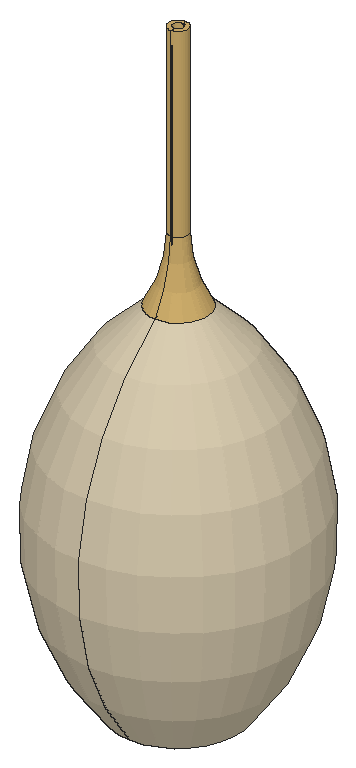
Revit family
Reference planes (m)
  plane 1 "Centro (Frontal/Posterior)": y = 0
  plane 2: z = 0
  plane 3 "Centro (Izquierda/Derecha)": x = 0
Forms (m)
  Revolve 1, solid
    sketch origin (0, 0, 0) x (0, 1, 0) y (0, 0, 1)
      loop
        line (-0.0025, 0) -> (-0.0025, 0.3) -> (-0.0045, 0.3) -> (-0.0045, 0.21)
        arc (-0.0045, 0.21) -> (-0.006935, 0.193145) -> (-0.014042, 0.177669) r 0.059546
        arc (-0.014042, 0.177669) -> (-0.060646, 0.09222) -> (-0.02952, 0) r 0.121415
        line (-0.02952, 0) -> (-0.0025, 0)
      axis (0, 0) -> (0, 0.3)
    angle from 0 to 360
